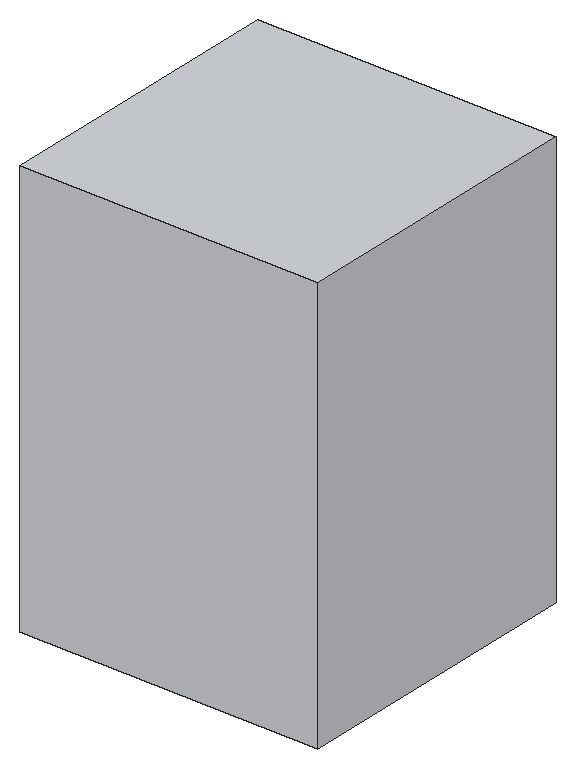
Revit family "Conexão de gás_M", category Terreno, Revit 2019
Family settings
  Cota do conector redondo = Usar raio
  Tipo de parte = Normal
  ID de item do Seek = Gas Connection-0000-CAN-ENU
  Com base no plano de trabalho = Não
  Sempre na vertical = Sim
  Corte com vazios quando carregada = Não
  Compartilhado = Não
Parameters (values of type "700 mmx700 mm")
  Largura = 1000 mm
  Raio da saída [instance] = 25 mm
  Diâmetro da saída [instance] = 2 * Raio da saída  # 50 mm
  Comprimento = 1000 mm
  Raio da embocadura [instance] = 25 mm
  Deslocamento de entrada da saída [instance] = 0 mm
  Deslocamento superior da parede do nível [instance] = 200 mm
  Deslocamento central de entrada do nível [instance] = 950 mm
  Diâmetro da embocadura [instance] = 2 * Raio da embocadura  # 50 mm
  Altura = 1400 mm
Types (3, lengths in mm): name | Largura | Raio da saída | Diâmetro da saída | Comprimento | Raio da embocadura | Deslocamento central de entrada do nível | Diâmetro da embocadura | Altura
  (no name) | 1000 | 25 | 50 | 1000 | 25 | 950 | 50 | 1400
  700 mmx700 mm | 1000 | 25 | 50 | 1000 | 25 | 950 | 50 | 1400
  1000 mmx1000 mm | 1300 | 50 | 100 | 1300 | 50 | 1450 | 100 | 1900
Reference planes
  plane 1 "Centro (Frente/Trás)": y = 0
  plane 2: z = 0
  plane 3 "Centro (Esquerda/Direita)": x = 0
  plane 4: z = -950
  plane 5: x = 1000
  plane 6: z = -200
  plane 7: z = -1600
  plane 8: y = 500
  plane 9: y = -500
  plane 10: z = -950
  plane 11: x = 500
Forms (mm)
  Extrusion 1, solid
    sketch origin (0, 0, 0) x (1, 0, 0) y (0, 0, 1)
      loop
        line (0, -200) -> (0, -1600) -> (1000, -1600) -> (1000, -200) -> (0, -200)
    from -500 to 500
  Extrusion 2, solid
    sketch origin (0, 0, 0) x (0, 1, 0) y (0, 0, 1)
      loop
        circle (0, -950) r 25
    from 0 to 304.8
  Extrusion 3, solid
    sketch origin (0, 0, 0) x (0, 1, 0) y (0, 0, 1)
      loop
        circle (0, -950) r 25
    from 304.8 to 1000
Cuts and joins
  joined: Extrusion 1, Extrusion 2, Extrusion 3
Lines and regions (mm)
  symbolic lines
    curve 1: line (0, 500, 0) -> (1000, 500, 0)
    curve 2: line (0, -500, 0) -> (0, 500, 0)
    curve 3: line (1000, -500, 0) -> (0, -500, 0)
    curve 4: line (1000, 500, 0) -> (1000, -500, 0)
Dimensions and locks
  "Comprimento": plane 5 to plane 3 "Centro (Esquerda/Direita)"
  "Altura": plane 6 to plane 7
  equal spacing: plane 9, plane 1 "Centro (Frente/Trás)", plane 8
  "Largura": plane 8 to plane 9
  "Deslocamento de entrada da saída": plane 10 to plane 4
  "Deslocamento superior da parede do nível": plane 2 to plane 6
  "Deslocamento central de entrada do nível": plane 2 to plane 10
  equal spacing: plane 3 "Centro (Esquerda/Direita)", plane 11, plane 5
  "Raio da embocadura": radius of Extrusion 2 sketch curve
  "Raio da saída": radius of Extrusion 3 sketch curve
  aligned and locked: level to plane 2
  aligned and locked: plane 3 "Centro (Esquerda/Direita)" to Extrusion 1 sketch curve
  aligned and locked: Extrusion 1 sketch curve to plane 6
  aligned and locked: plane 7 to Extrusion 1 sketch curve
  aligned and locked: Extrusion 1 sketch curve to plane 5
  aligned and locked: plane 8 to Extrusion 1
  aligned and locked: Extrusion 1 to plane 9
  aligned and locked: plane 10 to Extrusion 2 sketch curve
  aligned and locked: plane 1 "Centro (Frente/Trás)" to Extrusion 2 sketch curve
  aligned and locked: plane 4 to Extrusion 3 sketch curve
  aligned and locked: plane 1 "Centro (Frente/Trás)" to Extrusion 3 sketch curve
  aligned and locked: Extrusion 2 to plane 3 "Centro (Esquerda/Direita)"
  aligned and locked: plane 5 to Extrusion 3
  aligned and locked: plane 1 "Centro (Frente/Trás)" to nested 1
  aligned and locked: plane 11 to nested 1
  aligned and locked: curve 1 to cut or joined group of Extrusion 1, Extrusion 2, Extrusion 3  (x2)
  aligned and locked: curve 4 to cut or joined group of Extrusion 1, Extrusion 2, Extrusion 3  (x2)
Nested families
  nested 1: "Símbolo" at (500, 0, 0), type "Símbolo"
Connectors
  piping at (0, 0, -950), diameter 50, driven by "Raio da embocadura"
    settings: on Extrusion 2, index 1, connector inside diameter 50 mm, connector length 0 mm, flow factor 0, pipe flow 0.0 L/s, pressure drop 0.0 Pa, fitting loss kfactor 0, connector angle 0.00°, fixture units 0, engagement length 0 mm, angle of deflection 0.00°, flow configuration 0, flow direction 1, fitting loss method 0, system type 29, joint type 0, gender type 0, connector reference index 2, connector utility 1, adjustable connector no, is connector primary yes, connector description "Entrada de gás"
  piping at (1000, 0, -950), diameter 50, driven by "Raio da saída"
    settings: on Extrusion 3, index 2, connector inside diameter 50 mm, connector length 0 mm, flow factor 0, pipe flow 0.0 L/s, pressure drop 0.0 Pa, fitting loss kfactor 0, connector angle 0.00°, fixture units 0, engagement length 0 mm, angle of deflection 0.00°, flow configuration 0, flow direction 2, fitting loss method 0, system type 29, joint type 0, gender type 0, connector reference index 1, connector utility 0, adjustable connector no, is connector primary no, connector description "Saída de gás"
Definition of nested family "Símbolo"
  Reference planes
    plane 1: y = 0
    plane 2: x = 0
  Text (mm)
    text "Gás" at (-3.198, 1.923, 0)
